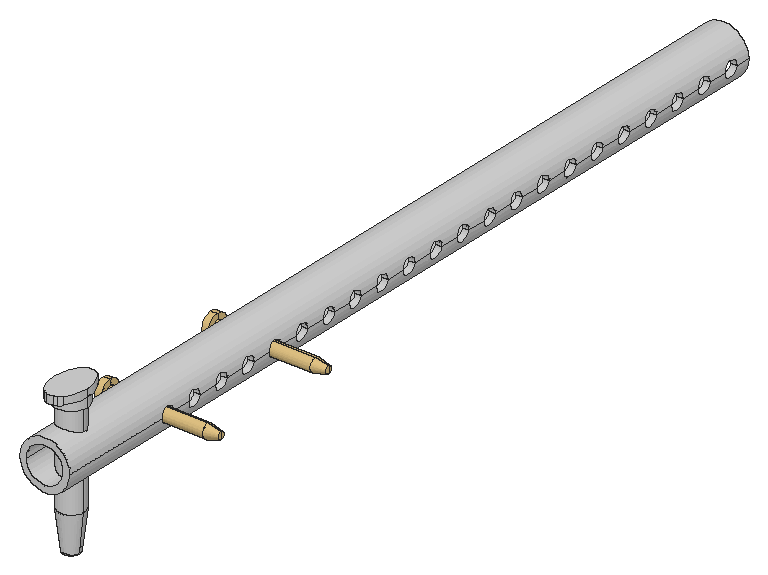
Revit family "ORMA_STANDARD SPIGOT SBU_1908935", category Generic Models, Revit 2018
Family settings
  Can host rebar = No
  Round Connector Dimension = Use Diameter
  Part Type = Normal
  OmniClass Number = 35.51.14.00
  OmniClass Title = FORMWORK
  Work Plane-Based = Yes
  Always vertical = No
  Cut with Voids When Loaded = No
  Shared = Yes
  Room Calculation Point = No
Parameters
  VERSION = "20170217"  # constant formula
  URL = "www.ulmaconstruction.com/en"
  UNICLASS = ""
  Manufacturer = "ULMA CONSTRUCTION"  # constant formula
  LENGTH [instance] = 0.000 mm
  ITEM_LENGTH [instance] = if(LENGTH < 437.750 mm, rounddown(LENGTH / 25.750 mm) * 25.750 mm, 437.750 mm)  # 0.000 mm
  ITEM_CODE = "1908935"
  FILTER [instance] = ""
  Default Elevation = 0.000 mm
  CLASSIFICATION_TITLE = ""
  CLASSIFICATION_NUMBER = ""
Reference planes
  plane 1 "Centro (Frontal/Posterior)": y = 0
  plane 2: z = 0
  plane 3 "Centro (Izquierda/Derecha)": x = 0
  plane 4 "PIN 1": y = 69
  plane 5 "PIN 2": y = 172
  plane 6 "LENGTH": y = 69
  plane 7 "REFERENCE PLANE": y = 69
Forms (mm)
  Extrusion 1, solid, material "ULMA ZINC", detail levels fine
    sketch origin (0.001, -0.001, 0) x (-1, -0.000026, 0) y (0.000026, -1, 0)
      loop
        arc (-12.498, 0) -> (-11.319, -8.332) -> (-7.872, -16.008) r 30
        arc (-7.872, -16.008) -> (-6.517, -17.682) -> (-4.814, -19) r 9.318
        arc (-4.814, -19) -> (-3.691, -19.578) -> (-2.5, -19.998) r 9.318
        arc (-2.5, -19.998) -> (0, -20.34) -> (2.5, -19.998) r 9.318
        arc (2.5, -19.998) -> (3.691, -19.578) -> (4.815, -19) r 9.318
        arc (4.815, -19) -> (6.526, -17.673) -> (7.885, -15.988) r 9.318
        arc (7.885, -15.988) -> (11.323, -8.32) -> (12.5, 0) r 30
        arc (12.5, 0) -> (11.323, 8.32) -> (7.885, 15.988) r 30
        arc (7.885, 15.988) -> (6.526, 17.674) -> (4.815, 19) r 9.318
        arc (4.815, 19) -> (3.691, 19.578) -> (2.5, 19.999) r 9.318
        arc (2.5, 19.999) -> (0, 20.34) -> (-2.5, 19.999) r 9.318
        arc (-2.5, 19.999) -> (-3.691, 19.578) -> (-4.815, 19) r 9.318
        arc (-4.815, 19) -> (-6.432, 17.764) -> (-7.743, 16.206) r 9.318
        arc (-7.743, 16.206) -> (-11.285, 8.445) -> (-12.498, 0) r 30
    from 7 to 13
  Revolve 2, solid, material "ULMA ZINC", detail levels fine
    sketch origin (0, 0, 13) x (1, 0, 0) y (0, 0, 1)
      loop
        line (0, -116) -> (5.503, -116)
        arc (5.503, -116) -> (6.171, -115.746) -> (6.5, -115.112) r 1.004
        line (6.5, -115.112) -> (9.875, -86) -> (9.875, -13.5)
        arc (9.875, -13.5) -> (10.021, -13.146) -> (10.375, -13) r 0.5
        line (10.375, -13) -> (12.5, -13) -> (12.5, -3.951) -> (0, -3.951) -> (0, -116)
      axis (0, -3.951) -> (0, -116)
    angle from 0 to 360
  Extrusion 3, solid, material "ULMA ZINC"
    sketch origin (0, -25, -6) x (1, 0, 0) y (0, 0, -1)
      loop
        circle (0, 27) r 19
      loop
        circle (0, 27) r 14
    from 0 to 651.25
  Revolve 4, solid, material "ULMA BICHROMATE", detail levels fine
    sketch origin (4267.2, 172, 30.893) x (0, 0, 1) y (1, 0, 0)
      loop
        line (-61.393, -4207.2) -> (-63.893, -4207.2) -> (-63.893, -4297.2) -> (-54.893, -4297.2) -> (-54.893, -4292.2) -> (-58.893, -4292.2) -> (-58.893, -4217.2) -> (-61.393, -4207.2)
      axis (-63.893, -4207.2) -> (-63.893, -4297.2)
    angle from 0 to 360
  Revolve 5, solid, material "ULMA BICHROMATE", detail levels fine
    sketch origin (4267.2, 69, 30.893) x (0, 0, 1) y (1, 0, 0)
      loop
        line (-61.393, -4207.2) -> (-63.893, -4207.2) -> (-63.893, -4297.2) -> (-54.893, -4297.2) -> (-54.893, -4292.2) -> (-58.893, -4292.2) -> (-58.893, -4217.2) -> (-61.393, -4207.2)
      axis (-63.893, -4207.2) -> (-63.893, -4297.2)
    angle from 0 to 360
  Extrusion 6, void
    sketch origin (0, 0, 0) x (0, 1, 0) y (0, 0, -1)
      loop
        circle (609.75, 33) r 6
      loop
        circle (584, 33) r 6
      loop
        circle (558.25, 33) r 6
      loop
        circle (532.5, 33) r 6
      loop
        circle (506.75, 33) r 6
      loop
        circle (481, 33) r 6
      loop
        circle (455.25, 33) r 6
      loop
        circle (429.5, 33) r 6
      loop
        circle (403.75, 33) r 6
      loop
        circle (378, 33) r 6
      loop
        circle (352.25, 33) r 6
      loop
        circle (326.5, 33) r 6
      loop
        circle (300.75, 33) r 6
      loop
        circle (275, 33) r 6
      loop
        circle (249.25, 33) r 6
      loop
        circle (223.5, 33) r 6
      loop
        circle (197.75, 33) r 6
      loop
        circle (172, 33) r 6
      loop
        circle (146.25, 33) r 6
      loop
        circle (120.5, 33) r 6
      loop
        circle (94.75, 33) r 6
      loop
        circle (69, 33) r 6
    from -19 to 19
Cuts and joins
  Extrusion 6 cuts Extrusion 3
Dimensions and locks
  locked: plane 4 "PIN 1" to plane 5 "PIN 2" at 103
  Extrusion 6 sketch curve to Extrusion 6 sketch curve to Extrusion 6 sketch curve to Extrusion 6 sketch curve to Extrusion 6 sketch curve to Extrusion 6 sketch curve to Extrusion 6 sketch curve to Extrusion 6 sketch curve to Extrusion 6 sketch curve to Extrusion 6 sketch curve to Extrusion 6 sketch curve to Extrusion 6 sketch curve to Extrusion 6 sketch curve to Extrusion 6 sketch curve to Extrusion 6 sketch curve to Extrusion 6 sketch curve to Extrusion 6 sketch curve to Extrusion 6 sketch curve to Extrusion 6 sketch curve to Extrusion 6 sketch curve to Extrusion 6 sketch curve to Extrusion 6 sketch curve = 25.750 mm locked, 25.750 mm locked, 25.750 mm locked, 25.750 mm locked, 25.750 mm locked, 25.750 mm locked, 25.750 mm locked, 25.750 mm locked, 25.750 mm locked, 25.750 mm locked, 25.750 mm locked, 25.750 mm locked, 25.750 mm locked, 25.750 mm locked, 25.750 mm locked, 25.750 mm locked, 25.750 mm locked, 25.750 mm locked, 25.750 mm locked, 25.750 mm locked, 25.750 mm locked
  locked: cut or joined group of Extrusion 3, Extrusion 6 to plane 1 "Centro (Frontal/Posterior)" at 25
  locked: plane 1 "Centro (Frontal/Posterior)" to Extrusion 6 sketch curve at 69
  locked: cut or joined group of Extrusion 3, Extrusion 6 to cut or joined group of Extrusion 3, Extrusion 6 at 651.25
  locked: plane 1 "Centro (Frontal/Posterior)" to plane 7 "REFERENCE PLANE" at 69
  "ITEM_LENGTH": plane 7 "REFERENCE PLANE" to plane 4 "PIN 1"
  "LENGTH": plane 7 "REFERENCE PLANE" to plane 6 "LENGTH"
  aligned and locked: level to plane 2
Automatic sketch dimensions
  Extrusion 1 sketch curve to Extrusion 1 sketch curve = 0.000 mm  (x49)
  plane 3 "Centro (Izquierda/Derecha)" to Extrusion 1 sketch curve = 17.501 mm
  plane 3 "Centro (Izquierda/Derecha)" to Extrusion 1 sketch curve = 0.001 mm
  plane 3 "Centro (Izquierda/Derecha)" to Extrusion 1 sketch curve = 0.000 mm
  Extrusion 1 sketch curve to plane 3 "Centro (Izquierda/Derecha)" = 17.501 mm
  Extrusion 1 sketch curve to plane 1 "Centro (Frontal/Posterior)" = 11.021 mm
  Extrusion 1 sketch curve to plane 1 "Centro (Frontal/Posterior)" = 0.001 mm
  plane 1 "Centro (Frontal/Posterior)" to Extrusion 1 sketch curve = 0.000 mm
  plane 1 "Centro (Frontal/Posterior)" to Extrusion 1 sketch curve = 11.023 mm
  Extrusion 1 sketch curve to Extrusion 1 sketch curve = 5.002 mm
  plane 3 "Centro (Izquierda/Derecha)" to Extrusion 1 sketch curve = 7.872 mm
  plane 3 "Centro (Izquierda/Derecha)" to Extrusion 1 sketch curve = 7.744 mm
  Extrusion 1 sketch curve to Extrusion 1 sketch curve = 2.928 mm
  Extrusion 1 sketch curve to Extrusion 1 sketch curve = 3.058 mm
  plane 3 "Centro (Izquierda/Derecha)" to Extrusion 1 sketch curve = 2.501 mm
  plane 3 "Centro (Izquierda/Derecha)" to Extrusion 1 sketch curve = 2.500 mm
  Extrusion 1 sketch curve to plane 3 "Centro (Izquierda/Derecha)" = 2.500 mm
  Extrusion 1 sketch curve to plane 3 "Centro (Izquierda/Derecha)" = 2.499 mm
  Extrusion 1 sketch curve to Extrusion 1 sketch curve = 2.315 mm  (x2)
  Extrusion 1 sketch curve to Extrusion 1 sketch curve = 3.070 mm
  Revolve 2 sketch curve to level = 0.000 mm
  Revolve 2 sketch curve to level = 103.000 mm
  Revolve 2 sketch curve to Revolve 2 sketch curve = 5.503 mm
  Revolve 2 sketch curve to level = 102.112 mm
  Revolve 2 sketch curve to Revolve 2 sketch curve = 0.997 mm
  Revolve 2 sketch curve to level = 0.500 mm
  Revolve 2 sketch curve to Revolve 2 sketch curve = 9.875 mm  (x2)
  Revolve 2 sketch curve to Revolve 2 sketch curve = 2.125 mm
  Revolve 2 sketch curve to Revolve 2 sketch curve = 29.112 mm
  Revolve 2 sketch curve to Revolve 2 sketch curve = 9.049 mm
  Revolve 2 sketch curve to Revolve 2 sketch curve = 15.410 mm
  Revolve 2 sketch curve to Revolve 2 sketch curve = 12.031 mm
  Extrusion 3 sketch curve to Extrusion 3 sketch curve = 0.000 mm  (x2)
  Extrusion 3 sketch curve to plane 3 "Centro (Izquierda/Derecha)" = 0.000 mm
  Extrusion 3 sketch curve to level = 33.000 mm
  Revolve 4 sketch curve to level = 33.000 mm
  Revolve 4 sketch curve to Revolve 4 sketch curve = 2.500 mm
  Revolve 4 sketch curve to Revolve 4 sketch curve = 5.000 mm  (x3)
  Revolve 4 sketch curve to Revolve 4 sketch curve = 4.000 mm
  Revolve 4 sketch curve to plane 3 "Centro (Izquierda/Derecha)" = 30.000 mm
  plane 3 "Centro (Izquierda/Derecha)" to Revolve 4 sketch curve = 50.000 mm
  Revolve 4 sketch curve to Revolve 4 sketch curve = 10.000 mm
  plane 3 "Centro (Izquierda/Derecha)" to Revolve 4 sketch curve = 19.897 mm
  Revolve 4 sketch curve to Revolve 4 sketch curve = 7.047 mm
  Revolve 5 sketch curve to level = 33.000 mm
  Revolve 5 sketch curve to Revolve 5 sketch curve = 2.500 mm
  Revolve 5 sketch curve to Revolve 5 sketch curve = 5.000 mm  (x3)
  Revolve 5 sketch curve to Revolve 5 sketch curve = 4.000 mm
  Revolve 5 sketch curve to plane 3 "Centro (Izquierda/Derecha)" = 30.000 mm
  plane 3 "Centro (Izquierda/Derecha)" to Revolve 5 sketch curve = 50.000 mm
  Revolve 5 sketch curve to Revolve 5 sketch curve = 10.000 mm
  plane 3 "Centro (Izquierda/Derecha)" to Revolve 5 sketch curve = 19.897 mm
  Revolve 5 sketch curve to Revolve 5 sketch curve = 7.047 mm
  Extrusion 6 sketch curve to level = 33.000 mm
  Extrusion 6 sketch curve to Extrusion 6 sketch curve = 0.000 mm  (x21)
  radius of Extrusion 3 sketch curve = 19.000 mm
  radius of Extrusion 3 sketch curve = 14.000 mm
  radius of Extrusion 6 sketch curve = 6.000 mm  (x22)
